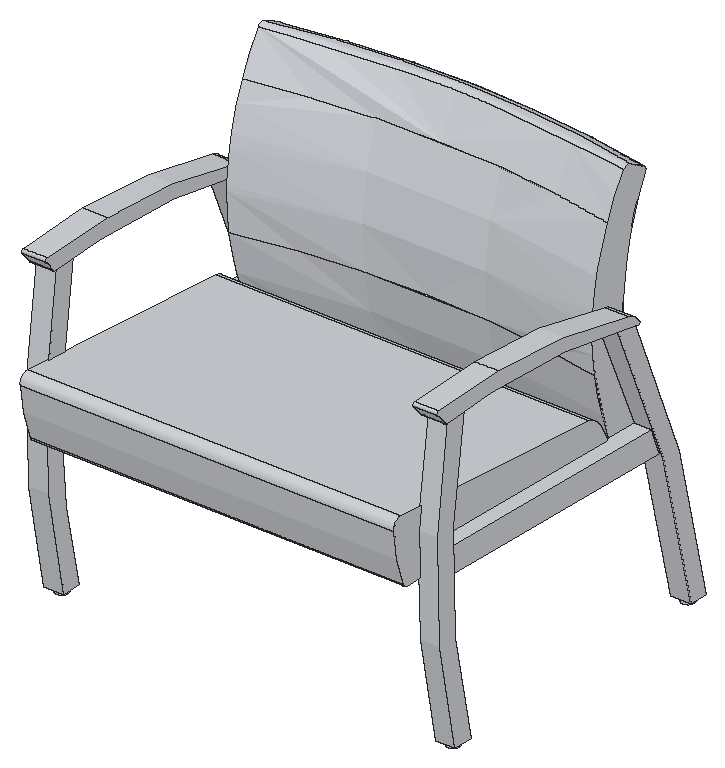
Revit family "Seat-LaZBoy-Koncert_Wood_Visitor-KOW10B", category Furniture, Revit 2017
Family settings
  OmniClass Number = 23.40.20.00
  Work Plane-Based = No
  Always vertical = Yes
  Cut with Voids When Loaded = No
  Shared = No
  Room Calculation Point = No
Parameters (values of type "Urethane Arm Caps")
  Width = 33.50"  # constant formula
  URL = "https://www.la-z-boy.com/"
  Seat Material [instance] = none
  Product Documentation Link = "URL"
  Model = "KOW10BU"
  Manufacturer = "LaZBoy"
  Height = 33.25"  # constant formula
  Description = "Bariatric Chair with Urethane Arm Caps"
  Depth = 29.50"  # constant formula
  Copyright © = "Inc"
  Back Material [instance] = none
  Assembly Code = "E2020200"
  Armcap Material [instance] = none
  Arm Material [instance] = none
Types (2): name | Model | Description
  Wood Arm Caps | "KOW10B" | "Bariatric Chair with Wood Arm Caps"
  Urethane Arm Caps | "KOW10BU" | "Bariatric Chair with Urethane Arm Caps"
Reference planes (in)
  plane 1 "Center (Front/Back)": y = 0
  plane 2: z = 0
  plane 3 "Center (Left/Right)": x = 0
  plane 4: y = -14.75
  plane 5: x = 16.75
  plane 6: x = -16.75
  plane 7: z = 33.25
  plane 8: y = 14.75
  plane 9 "Backrest": y = 11.65
  plane 10: x = -15.04687
  plane 11: x = 15.04687
Forms (in)
  Extrusion 1, solid, material <- "Seat Material"
    sketch origin (0, 0, 0) x (0, 1, 0) y (0, 0, 1)
      loop
        line (-11.58915, 13.13496) -> (5.79313, 12.74857)
        arc (5.79313, 12.74857) -> (6.51456, 13.0334) -> (6.81535, 13.74832) r 1
        line (6.81535, 13.74832) -> (6.81535, 14.27872)
        arc (6.81535, 14.27872) -> (6.78803, 14.50102) -> (6.70768, 14.71008) r 0.91791
        line (6.70768, 14.71008) -> (6.13006, 15.79504)
        arc (6.13006, 15.79504) -> (5.61922, 16.38459) -> (4.90294, 16.69358) r 1.75
        arc (4.90294, 16.69358) -> (-4.53782, 17.93122) -> (-14.05612, 18.17935) r 91.34101
        arc (-14.05612, 18.17935) -> (-14.60301, 17.92116) -> (-14.78159, 17.34336) r 0.75
        arc (-14.78159, 17.34336) -> (-14.39129, 15.18319) -> (-13.73053, 13.08985) r 17.29656
        arc (-13.73053, 13.08985) -> (-13.58361, 12.90425) -> (-13.35749, 12.83421) r 0.4
        line (-13.35749, 12.83421) -> (-11.58915, 12.83421) -> (-11.58915, 13.13496)
    from -15.04687 to 15.04687
  Extrusion 2, void
    sketch origin (35.5, -0.5, 0) x (-1, 0, 0) y (0, -1, 0)
      loop
        line (20.75921, -15.25291) -> (50.24079, -15.25291) -> (50.24079, -3.75291) -> (20.75921, -3.75291) -> (20.75921, -15.25291)
      loop
        line (17.11809, -16.74229) -> (53.91576, -16.74229) -> (53.91576, 0.35146) -> (17.11809, 0.35146) -> (17.11809, -16.74229)
    from 0 to 45.27313
  Sweep 3, solid, material <- "Back Material"
    path origin (0, 0.94444, 0) x (1, 0, 0) y (0, 1, 0)
      loop
        arc (-15.04687, 5.25183) -> (0, 6.86771) -> (15.04687, 5.25183) r 70.86509
    profile origin (0, 7.81215, 0) x (0, 1, 0) y (0, 0, 1)
      loop
        line (4.39262, 32.50746) -> (3.1931, 33.17236)
        arc (3.1931, 33.17236) -> (2.82429, 33.21881) -> (2.52535, 32.99787) r 0.5
        arc (2.52535, 32.99787) -> (1.67215, 31.49244) -> (0.93529, 29.92678) r 22.85496
        arc (0.93529, 29.92678) -> (-0.45331, 24.76011) -> (-0.36579, 19.41081) r 19.24373
        arc (-0.36579, 19.41081) -> (0.39457, 16.17163) -> (1.62887, 13.08181) r 22.27795
        arc (1.62887, 13.08181) -> (1.8133, 12.87729) -> (2.07805, 12.80145) r 0.5
        line (2.07805, 12.80145) -> (3.18197, 12.80145)
        arc (3.18197, 12.80145) -> (4.0158, 13.24942) -> (4.10256, 14.19198) r 1
        arc (4.10256, 14.19198) -> (2.60159, 19.63642) -> (2.57557, 25.28392) r 21.42227
        arc (2.57557, 25.28392) -> (3.30436, 28.6505) -> (4.59601, 31.84372) r 20.14581
        arc (4.59601, 31.84372) -> (4.62828, 32.21663) -> (4.39262, 32.50746) r 0.5
Cuts and joins
  Extrusion 2 cuts Sweep 3
Lines and regions (in)
  Masking region 1
    outline origin (0, 0, 0) x (1, 0, 0) y (0, 1, 0)
      loop
        arc (-14.875, -12.38861) -> (-14.90429, -12.45932) -> (-14.975, -12.48861) r 0.1
        line (-14.975, -12.48861) -> (-15.04687, -12.48861) -> (-15.04687, -14.25)
        arc (-15.04687, -14.25) -> (-14.90043, -14.60355) -> (-14.54687, -14.75) r 0.5
        line (-14.54687, -14.75) -> (14.54687, -14.75)
        arc (14.54687, -14.75) -> (14.90043, -14.60355) -> (15.04687, -14.25) r 0.5
        line (15.04687, -14.25) -> (15.04687, -12.48861) -> (14.975, -12.48861)
        arc (14.975, -12.48861) -> (14.90429, -12.45932) -> (14.875, -12.38861) r 0.1
        line (14.875, -12.38861) -> (14.875, 10.65944)
        arc (14.875, 10.65944) -> (14.82542, 10.80889) -> (14.69633, 10.89905) r 0.25
        arc (14.69633, 10.89905) -> (0, 12.4373) -> (-14.69633, 10.89905) r 70.97314
        arc (-14.69633, 10.89905) -> (-14.82542, 10.80889) -> (-14.875, 10.65944) r 0.25
        line (-14.875, 10.65944) -> (-14.875, -12.38861)
  symbolic lines, detail levels fine
    curve 1: arc (14.875, 8.82548, 0) -> (0, 10.34851, 0) -> (-14.875, 8.82548, 0) r 73.40145
  symbolic lines, detail levels medium+fine
    curve 2: arc (14.875, 5.66512, 0) -> (0, 7.18815, 0) -> (-14.875, 5.66512, 0) r 73.40145
Dimensions and locks (in)
  equal spacing: plane 6, plane 3 "Center (Left/Right)", plane 5
  "Width": plane 6 to plane 5
  "Height": plane 7 to plane 2
  equal spacing: plane 8, plane 1 "Center (Front/Back)", plane 4
  "Depth": plane 4 to plane 8
  plane 6 to plane 10 = 1.70313"
  locked: plane 11 to plane 5 at 1.70313
  locked: plane 9 "Backrest" to plane 8 at 3.1
  aligned and locked: level to plane 2
  aligned and locked: plane 3 "Center (Left/Right)" to nested 1
  aligned and locked: plane 1 "Center (Front/Back)" to nested 1
  aligned and locked: plane 8 to nested 2
  aligned and locked: nested 2 to plane 6
  aligned and locked: plane 5 to nested 3
  aligned and locked: plane 8 to nested 3
  aligned and locked: plane 11 to Extrusion 1
  aligned and locked: plane 10 to Extrusion 1
  aligned and locked: Masking region 1 sketch curve to plane 4
  aligned and locked: Extrusion 1 to Masking region 1 sketch curve
Automatic sketch dimensions
  Extrusion 2 sketch curve to plane 5 = 1.63191"
  plane 8 to Extrusion 2 sketch curve = 0.00291"
  Extrusion 2 sketch curve to plane 10 = 0.30608"
  Extrusion 2 sketch curve to plane 6 = 1.66576"
  plane 8 to Extrusion 2 sketch curve = 1.49229"
  Extrusion 2 sketch curve to plane 1 "Center (Front/Back)" = 3.25291"
  plane 1 "Center (Front/Back)" to Extrusion 2 sketch curve = 0.85146"
  Extrusion 2 sketch curve to plane 11 = 0.30608"
  Sweep 3 sketch curve to plane 10 = 0.00"
  plane 4 to Sweep 3 sketch curve = 48.30294"
  Sweep 3 sketch curve to plane 3 "Center (Left/Right)" = 0.00"
  Sweep 3 sketch curve to plane 11 = 0.00"
  plane 9 "Backrest" to Sweep 3 sketch curve = 5.45374"
  Masking region 1 sketch curve to plane 3 "Center (Left/Right)" = 0.00"
  Masking region 1 sketch curve to plane 11 = 0.00"
  Masking region 1 sketch curve to plane 10 = 0.07187"
  Masking region 1 sketch curve to plane 10 = 0.17187"
  Masking region 1 sketch curve to Masking region 1 sketch curve = 0.25"
  Masking region 1 sketch curve to Masking region 1 sketch curve = 0.50"  (x2)
  Masking region 1 sketch curve to plane 11 = 0.42187"
  Masking region 1 sketch curve to plane 11 = 0.17187"
  Masking region 1 sketch curve to plane 11 = 0.07187"
  plane 4 to Masking region 1 sketch curve = 43.78584"
  Masking region 1 sketch curve to Masking region 1 sketch curve = 1.76139"  (x2)
  plane 9 "Backrest" to Masking region 1 sketch curve = 0.99056"  (x2)
  Masking region 1 sketch curve to Masking region 1 sketch curve = 0.00"
  curve 1 to plane 3 "Center (Left/Right)" = 0.00"
  plane 4 to curve 1 = 48.30294"
  curve 1 to plane 10 = 0.17187"
  curve 1 to plane 11 = 0.17187"
  plane 9 "Backrest" to curve 1 = 2.82452"
  curve 1 to curve 2 = 0.00"
  curve 2 to curve 1 = 3.16037"  (x2)
  curve 2 to curve 1 = 0.00"  (x2)
  Extrusion 1 sketch curve to plane 4 = 0.71344"
  Extrusion 1 sketch curve to plane 4 = 1.39251"
  Extrusion 1 sketch curve to plane 4 = 3.07592"
  Extrusion 1 sketch curve to Extrusion 1 sketch curve = 1.76835"
  Extrusion 1 sketch curve to plane 1 "Center (Front/Back)" = 2.40023"
  Extrusion 1 sketch curve to plane 1 "Center (Front/Back)" = 4.58534"
  Extrusion 1 sketch curve to Extrusion 1 sketch curve = 1.20779"
  Extrusion 1 sketch curve to Extrusion 1 sketch curve = 0.02222"
  Extrusion 1 sketch curve to Extrusion 1 sketch curve = 0.08209"
  Extrusion 1 sketch curve to Extrusion 1 sketch curve = 0.23261"
  Extrusion 1 sketch curve to Extrusion 1 sketch curve = 0.81024"
  Extrusion 1 sketch curve to Extrusion 1 sketch curve = 0.10767"
  Extrusion 1 sketch curve to level = 73.13059"
  level to Extrusion 1 sketch curve = 12.74857"
  level to Extrusion 1 sketch curve = 12.83421"
  Extrusion 1 sketch curve to Extrusion 1 sketch curve = 0.30074"
  Extrusion 1 sketch curve to Extrusion 1 sketch curve = 0.40"
  Extrusion 1 sketch curve to Extrusion 1 sketch curve = 0.5304"
  Extrusion 1 sketch curve to Extrusion 1 sketch curve = 0.69392"
  Extrusion 1 sketch curve to Extrusion 1 sketch curve = 1.08495"
  Extrusion 1 sketch curve to Extrusion 1 sketch curve = 4.19539"
  Extrusion 1 sketch curve to Extrusion 1 sketch curve = 2.63883"
  Extrusion 1 sketch curve to plane 4 = 0.69388"
  Extrusion 1 sketch curve to Extrusion 1 sketch curve = 0.00"  (x2)
  Sweep 3 sketch curve to profile plane = 2.07805"
  Sweep 3 sketch curve to profile plane = 2.9507"
  Sweep 3 sketch curve to Sweep 3 sketch curve = 1.10392"
  Sweep 3 sketch curve to Sweep 3 sketch curve = 0.2424"  (x2)
  Sweep 3 sketch curve to Sweep 3 sketch curve = 1.19952"
  Sweep 3 sketch curve to Sweep 3 sketch curve = 14.49459"
  Sweep 3 sketch curve to Sweep 3 sketch curve = 2.99746"
  Sweep 3 sketch curve to Sweep 3 sketch curve = 0.32586"
  Sweep 3 sketch curve to Sweep 3 sketch curve = 0.91535"
  Sweep 3 sketch curve to Sweep 3 sketch curve = 1.26609"
  level to Sweep 3 sketch curve = 12.80145"
  Sweep 3 sketch curve to Sweep 3 sketch curve = 0.50"
  Sweep 3 sketch curve to Sweep 3 sketch curve = 1.00"
  Sweep 3 sketch curve to Sweep 3 sketch curve = 7.18279"
  Sweep 3 sketch curve to Sweep 3 sketch curve = 1.41298"
  Sweep 3 sketch curve to Sweep 3 sketch curve = 1.57377"
  Sweep 3 sketch curve to Sweep 3 sketch curve = 0.16243"
  Sweep 3 sketch curve to Sweep 3 sketch curve = 0.14766"
  Sweep 3 sketch curve to Sweep 3 sketch curve = 9.67293"
  Sweep 3 sketch curve to Sweep 3 sketch curve = 0.43731"  (x2)
  Sweep 3 sketch curve to Sweep 3 sketch curve = 0.6649"
  Sweep 3 sketch curve to Sweep 3 sketch curve = 0.00"  (x3)
  Sweep 3 sketch curve to profile plane = 0.93529"
  Sweep 3 sketch curve to profile plane = 2.57557"
Nested families (in)
  nested 1: "Label 1-16" at (0, 0, 0), type "Center", detail levels fine
    with Offset (LR) 0.00"
  nested 2: "KOW-Leg" at (-15.78125, 0.05146, 0), type "Standard"
  nested 3: "KOW-Leg" at (15.78125, 0.05146, 0) x (-1, 0, 0) z (0, 0, 1), type "Standard"
Definition of nested family "KOW-Leg"
  Parameters (values of type "Standard")
    URL = ""
    Model = ""
    Manufacturer = ""
    Description = ""
    Assembly Code = "E2020200"
    Armcap Material = none
    Arm Material = none
  Reference planes (in)
    plane 1 "Center (Front/Back)": y = 1.07924
    plane 2: z = 0
    plane 3 "Center (Left/Right)": x = 0
    plane 4: y = 14.69854
    plane 5: y = -12.54007
    plane 6: z = 25.86049
    plane 7: x = -0.96875
    plane 8: x = 0.96875
    plane 9: x = 0.79688
    plane 10: x = -0.79688
  Forms (in)
    Extrusion 1, solid, material <- "Arm Material"
      sketch origin (0, -0.01712, 0) x (0, 1, 0) y (0, 0, 1)
        loop
          line (-10.50535, 0.35749) -> (-8.94909, 0.35749)
          arc (-8.94909, 0.35749) -> (-10.78454, 12.3854) -> (-9.65018, 24.49955) r 49.82702
          arc (-9.65018, 24.49955) -> (-10.43254, 24.43703) -> (-11.21378, 24.36181) r 48.33365
          arc (-11.21378, 24.36181) -> (-12.2832, 12.31763) -> (-10.50535, 0.35749) r 51.32702
        loop
          arc (14.71566, 0.35749) -> (12.00755, 11.95163) -> (7.61982, 23.01987) r 80.54342
          arc (7.61982, 23.01987) -> (6.71703, 23.22827) -> (5.81104, 23.42236) r 58.51808
          arc (5.81104, 23.42236) -> (10.40284, 12.17533) -> (13.21695, 0.35749) r 79.04342
          line (13.21695, 0.35749) -> (14.71566, 0.35749)
      from -0.79688 to 0.79687
    Extrusion 2, solid, material <- "Armcap Material"
      sketch origin (0, 0, 0.375) x (0, 1, 0) y (0, 0, 1)
        loop
          arc (7.66409, 22.63051) -> (7.80964, 22.6856) -> (7.81175, 22.84122) r 0.13828
          arc (7.81175, 22.84122) -> (7.34036, 23.33471) -> (6.72628, 23.63245) r 1.9228
          arc (6.72628, 23.63245) -> (0.24776, 24.9923) -> (-6.35354, 25.48549) r 50.06316
          arc (-6.35354, 25.48549) -> (-9.36566, 25.42828) -> (-12.37013, 25.20617) r 54.97787
          arc (-12.37013, 25.20617) -> (-12.528, 25.08725) -> (-12.49582, 24.89224) r 0.19082
          line (-12.49582, 24.89224) -> (-11.72516, 23.99178)
          arc (-11.72516, 23.99178) -> (-11.67245, 23.95421) -> (-11.60829, 23.94571) r 0.13411
          arc (-11.60829, 23.94571) -> (-9.37896, 24.14428) -> (-7.14283, 24.23943) r 48.33365
          arc (-7.14283, 24.23943) -> (0.31203, 23.90797) -> (7.66409, 22.63051) r 58.51808
      from -0.96875 to 0.96875
    Extrusion 3, solid
      sketch origin (0, 0, 0) x (1, 0, 0) y (0, 1, 0)
        loop
          circle (0, 13.96631) r 0.5
        loop
          circle (0, -9.72722) r 0.5
      from 0 to 0.35749
    Extrusion 4, solid, material <- "Arm Material"
      sketch origin (0, 0, 0) x (0, 1, 0) y (0, 0, 1)
        loop
          arc (-10.81215, 14.85479) -> (-10.82265, 13.85461) -> (-10.81307, 12.85441) r 49.82702
          line (-10.81307, 12.85441) -> (10.30377, 12.42911)
          arc (10.30377, 12.42911) -> (9.96838, 13.4385) -> (9.61943, 14.44329) r 79.04342
          line (9.61943, 14.44329) -> (-10.81215, 14.85479)
      from -0.57813 to 0.79687
  Cuts and joins
    joined: Extrusion 1, Extrusion 4
  Lines and regions (in)
    Masking region 1
      outline origin (0, 0, 0) x (1, 0, 0) y (0, 1, 0)
        loop
          arc (-0.96875, -12.44007) -> (-0.93946, -12.51078) -> (-0.86875, -12.54007) r 0.1
          line (-0.86875, -12.54007) -> (0.86875, -12.54007)
          arc (0.86875, -12.54007) -> (0.93946, -12.51078) -> (0.96875, -12.44007) r 0.1
          line (0.96875, -12.44007) -> (0.96875, 7.75071)
          arc (0.96875, 7.75071) -> (0.93946, 7.82142) -> (0.86875, 7.85071) r 0.1
          line (0.86875, 7.85071) -> (0.79688, 7.85071) -> (0.79688, 14.69854) -> (-0.79688, 14.69854) -> (-0.79688, 7.85071) -> (-0.86875, 7.85071)
          arc (-0.86875, 7.85071) -> (-0.93946, 7.82142) -> (-0.96875, 7.75071) r 0.1
          line (-0.96875, 7.75071) -> (-0.96875, -12.44007)
    symbolic lines
      curve 1: line (-0.79688, 7.85071, 0) -> (0.79688, 7.85071, 0)
  Dimensions and locks (in)
    equal spacing: plane 5, plane 1 "Center (Front/Back)", plane 4
    locked: plane 6 to plane 2 at 25.86049
    equal spacing: plane 7, plane 3 "Center (Left/Right)", plane 8
    locked: plane 9 to plane 8 at 0.17188
    locked: plane 5 to plane 4 at 27.23861
    aligned and locked: level to plane 2
    aligned and locked: plane 3 "Center (Left/Right)" to Extrusion 3 sketch curve
    aligned and locked: Masking region 1 sketch curve to plane 7
    aligned and locked: Masking region 1 sketch curve to plane 8
    aligned and locked: Masking region 1 sketch curve to plane 5
    aligned and locked: Masking region 1 sketch curve to plane 4
    aligned and locked: plane 7 to Extrusion 2
  Automatic sketch dimensions
    Extrusion 1 sketch curve to Extrusion 1 sketch curve = 0.00"  (x3)
    Extrusion 1 sketch curve to level = 11.98962"
    level to Extrusion 1 sketch curve = 0.35749"  (x2)
    Extrusion 1 sketch curve to plane 5 = 2.0176"
    Extrusion 1 sketch curve to Extrusion 1 sketch curve = 1.55626"
    Extrusion 1 sketch curve to plane 5 = 6.33196"
    Extrusion 1 sketch curve to plane 5 = 6.52923"
    Extrusion 1 sketch curve to plane 4 = 1.4987"
    Extrusion 1 sketch curve to plane 4 = 0.00"
    Extrusion 1 sketch curve to plane 6 = 12.02872"
    Extrusion 1 sketch curve to Extrusion 1 sketch curve = 0.1256"
    Extrusion 1 sketch curve to Extrusion 1 sketch curve = 10.18252"
    Extrusion 1 sketch curve to plane 5 = 1.30917"
    Extrusion 1 sketch curve to Extrusion 1 sketch curve = 15.46123"
    Extrusion 1 sketch curve to plane 6 = 2.43813"
    Extrusion 1 sketch curve to plane 6 = 1.36094"
    Extrusion 1 sketch curve to Extrusion 1 sketch curve = 1.80878"
    Extrusion 2 sketch curve to plane 6 = 0.00"  (x2)
    Extrusion 2 sketch curve to plane 5 = 0.04424"
    Extrusion 2 sketch curve to Extrusion 2 sketch curve = 0.14498"
    Extrusion 2 sketch curve to plane 5 = 0.8149"
    Extrusion 2 sketch curve to Extrusion 2 sketch curve = 0.10189"
    Extrusion 2 sketch curve to plane 5 = 5.72407"
    Extrusion 2 sketch curve to Extrusion 2 sketch curve = 0.04134"
    Extrusion 2 sketch curve to Extrusion 2 sketch curve = 0.56804"
    Extrusion 2 sketch curve to Extrusion 2 sketch curve = 0.80665"
    Extrusion 2 sketch curve to plane 1 "Center (Front/Back)" = 5.1285"
    Extrusion 2 sketch curve to Extrusion 2 sketch curve = 1.48866"
    Extrusion 2 sketch curve to plane 6 = 0.46917"
    Extrusion 2 sketch curve to Extrusion 2 sketch curve = 0.12408"
    Extrusion 2 sketch curve to Extrusion 2 sketch curve = 0.93734"
    Extrusion 2 sketch curve to Extrusion 2 sketch curve = 0.0872"
    Extrusion 2 sketch curve to plane 6 = 2.72053"
    Extrusion 2 sketch curve to Extrusion 2 sketch curve = 0.98407"
    Extrusion 2 sketch curve to level = 23.71015"
    Extrusion 2 sketch curve to Extrusion 2 sketch curve = 0.49075"
    Extrusion 2 sketch curve to Extrusion 2 sketch curve = 4.91454"
    Extrusion 2 sketch curve to Extrusion 2 sketch curve = 4.77724"
    Extrusion 2 sketch curve to Extrusion 2 sketch curve = 0.00"  (x4)
    Extrusion 3 sketch curve to plane 3 "Center (Left/Right)" = 0.00"
    Extrusion 3 sketch curve to plane 5 = 2.81284"
    Extrusion 3 sketch curve to plane 4 = 0.73224"
    Extrusion 4 sketch curve to plane 4 = 4.39477"
    Extrusion 4 sketch curve to Extrusion 4 sketch curve = 0.68434"
    Extrusion 4 sketch curve to Extrusion 4 sketch curve = 2.01419"
    Extrusion 4 sketch curve to plane 5 = 1.72791"
    curve 1 to plane 9 = 0.00"
    curve 1 to plane 1 "Center (Front/Back)" = 6.77147"
    curve 1 to plane 7 = 0.17187"
    Masking region 1 sketch curve to plane 9 = 0.00"
    Masking region 1 sketch curve to plane 7 = 0.10"
    Masking region 1 sketch curve to Masking region 1 sketch curve = 0.10"  (x2)
    Masking region 1 sketch curve to plane 7 = 0.17187"
    Masking region 1 sketch curve to plane 9 = 0.07188"  (x2)
    Masking region 1 sketch curve to plane 1 "Center (Front/Back)" = 6.67147"
    level to Extrusion 4 sketch curve = 12.42911"
    Extrusion 4 sketch curve to plane 5 = 1.72699"
    Extrusion 4 sketch curve to Extrusion 4 sketch curve = 2.00039"
    Extrusion 4 sketch curve to plane 6 = 12.02872"
    Extrusion 4 sketch curve to plane 6 = 11.0057"
    Extrusion 4 sketch curve to level = 11.98962"
    radius of Extrusion 3 sketch curve = 0.50"  (x2)
Definition of nested family "Label 1-16"
  Parameters (values of type "Center")
    P_Width = 0.00"
    Text_Width = "Empty"
    Text_Height = "Empty"
    Text_Diameter = "Empty"
    Text_Depth = "Empty"
    Offset (LR) [instance] = 0.00"
    Model Name = "6961"
    P_Height = 0.00"
    Distance of Center (not Change) = 0.00"
    P_Diameter = 0.00"
    P_Depth = 0.00"
  Reference planes (in)
    plane 1: y = 0
    plane 2: x = 0
  Lines and regions (in)
    reference lines
      curve 1: line (-0.44359, 0, 0) -> (0.41085, 0, 0)
      curve 3: line (0, 0.32564, 0) -> (0, -0.40221, 0)
    reference lines, not visible
      curve 2: line (-0.44359, 0.09843, 0) -> (0.41085, 0.09843, 0)
      curve 4: line (0, 0.42407, 0) -> (0, -0.30379, 0)
  Text (in)
    label "Empty" at (0.00197, -0.0079, 0), shows "Model Name"
    label "Empty" at (0.00197, 0.09052, 0), shows "Model Name", not visible
  Dimensions and locks (in)
    "Distance of Center (not Change)": plane 1 to curve 1
    "Offset (LR)": curve 3 to plane 2
  Automatic sketch dimensions
    curve 1 to curve 3 = 0.44359"
    curve 3 to curve 1 = 0.41085"
    curve 3 to curve 1 = 0.40221"
    curve 1 to curve 3 = 0.32564"
    curve 2 to curve 4 = 0.44359"
    curve 4 to curve 2 = 0.41085"
    curve 4 to curve 2 = 0.40221"
    curve 2 to curve 4 = 0.32564"
